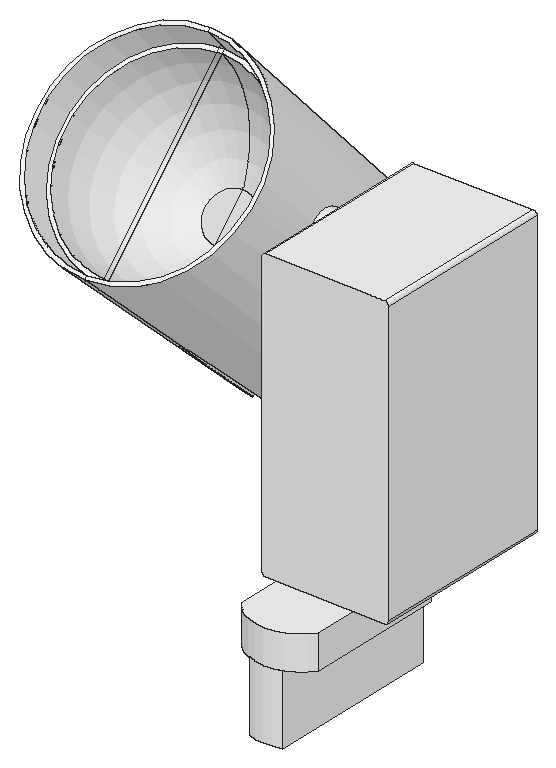
Revit family "0004924 Feilo Sylvania Lighting Fixture START TRACK SPOT S DALI 1262LM 930 WB WHT", category Lighting Fixtures, host Face, Revit 2017
Family settings
  Host = Face
  Round Connector Dimension = Use Diameter
  Part Type = Normal
  OmniClass Number = 23.80.70.00
  OmniClass Title = Lighting
  Cut with Voids When Loaded = No
  Light Source = No
  Shared = No
  Room Calculation Point = No
Parameters (values of type "0004924 START TRACK SPOT S DALI 1262LM 930 WB WHT")
  Weight = "0.94 kg"
  Wattage Comments = ""
  WarrantyStartDate [instance] = "n/a"
  WarrantyGuarantorParts = "n/a"
  WarrantyDurationUnit = "n/a"
  WarrantyDurationParts = "n/a"
  WarrantyDescription = "n/a"
  Voltage = 230 V
  URL = "http://www.sylvania-lighting.com/"
  TypeName = "START TRACK SPOT S DALI 1262LM 930 WB WHT"
  TypeHead_FEILO = Start Track Spot Head : 0004861 START TRACK SPOT S 14W 3K RA90 WB WHITE
  TypeBox_FEILO = Start Track Spot Box : Type Small White
  Type Image = <None>
  Type Comments = "n/a"
  VerticalRotation_FEILO [instance] = 0.00°
  SlideEndAngle_FEILO [instance] = VerticalRotation_FEILO + 180.00°  # 180.00°
  SerialNumber [instance] = "n/a"
  Material_3_FEILO = none
  PowerFactor = 0.92
  PowerConsumption = "14 W"
  NominalLength = 0 mm
  NominalHeight = 200 mm
  NominalDepth = 140 mm
  Name = "START TRACK SPOT S DALI 1262LM 930 WB WHT"
  ModelReference = Name  # "START TRACK SPOT S DALI 1262LM 930 WB WHT"
  ModelNumber = "0004924"
  Model = Name  # "START TRACK SPOT S DALI 1262LM 930 WB WHT"
  Material = "adc12 aluminium housing, polycarbonate diffuser"
  ManufacturerName = "Feilo Sylvania"
  Manufacturer = "Feilo Sylvania"
  LuminousEfficacy = "90 lm/W"
  LuminaireType = ""
  LightOutputRatio = "100"
  LampsType = Lamp  # "LED"
  LampNominalLuminous = "1262 lm"
  LampMacAdamStep = "3"
  LampColourTemperature = "3000 K"
  LampColourRenderingIndex = "90"
  Lamp = "LED"
  Keynote = "16500"
  InstallationDate [instance] = "n/a"
  InputVoltage = "230-240V~"
  InputNominalFrequency = "50/60 Hz"
  IngressProtection = "IP20"
  ImpactProtectionIndex = "IK02"
  IfcExportType = "IfcLightFixtureType"
  IfcExportAs = "IfcLightFixtureType"
  HorizontalRotation_FEILO [instance] = 45.00°
  ExpectedLife = 50000
  ElectricShockClassification = "Class II"
  DurationUnit = "hours"
  DocumentationLiterature = "http://www.sylvania-lighting.com/product/en-int/products/0004861"
  DimmingControlOptions = "Dimmable"
  Material_2_FEILO = none
  Description = "Integrated LED spotlight, Textured White - RAL9016, compact and minimalist design, ideal for retail applications, die-cast aluminium body, passive cooling heatsink. Beam angle: 64°, color temperature: 3000K , total system power: 14W, total fixture output: 1262 lm, LOR: 100%, colour rendering: Ra: 90 typical, LED Chromaticity: 3 step MacAdam ellipse, lifetime: >50000 hours at L70B50, energy class: A++, A+, A, IR/UV free light source without heat radiation, operating voltage: 220-240V / 50-60Hz, drive current: 350mA, electronic driver, non-dimmable, power factor: 0.92, electrical protection: Class II, Global Track 3 Phase adapter suitable for Global trac 3-circuit tracks, ingress protection rating: IP20, suitable for internal environment only, horizontal rotation: 355°, vertical tilt: 90°, dimensions: Ø86x140x200, weight: 0.940kg."
  Default Elevation = 1219.2 mm
  CreatedOn = "04/26/2018"
  CreatedBy = ""
  Cost = 0
  built-in parameter 1114216 [instance] = (empty or 0)
  ClassificationValue = "EF_70_80"
  ClassificationName = "Uniclass2015"
  Material_1_FEILO = Body-Sylvania-StartTrackSpot-White
  BarCode [instance] = "n/a"
  AssetType = "Fixed"
  AssetIdentifier [instance] = "n/a"
  Assembly Code = "D5020200"
  Apparent Load = 14 VA
  Material_4_FEILO = none
Reference planes
  plane 1 "Center (Front/Back)": y = 0
  plane 2: z = 0
  plane 3 "Center (Left/Right)": x = 0
  plane 4: x = 15
  plane 5: x = -15
  plane 6: y = 35
  plane 7: y = -35
  plane 8: z = 13
  plane 9: z = -27
  plane 10: x = 6.5
  plane 11: x = -6.5
  plane 12: y = 27
  plane 13: y = -27
  plane 14: y = 20
Forms (mm)
  Extrusion 1, solid, material "Body-Sylvania-StartTrackSpot-White" <- "Material_1_FEILO"
    sketch origin (0, 0, 0) x (1, 0, 0) y (0, 1, 0)
      loop
        line (-15, 27) -> (-15, -27)
        arc (-15, -27) -> (0, -35) -> (15, -27) r 18.062
        line (15, -27) -> (15, 27)
        arc (15, 27) -> (0, 35) -> (-15, 27) r 18.062
    from 0 to 13
  Extrusion 2, solid, material "Body-Sylvania-StartTrackSpot-White" <- "Material_1_FEILO"
    sketch origin (0, 0, 0) x (1, 0, 0) y (0, 1, 0)
      loop
        arc (6.5, 33.79) -> (0, 35) -> (-6.5, 33.79) r 18.062
        line (-6.5, 33.79) -> (-6.5, -33.79)
        arc (-6.5, -33.79) -> (0, -35) -> (6.5, -33.79) r 18.062
        line (6.5, -33.79) -> (6.5, 33.79)
    from 0 to -27
  Revolve 3, solid, not visible
    sketch origin (1524, 20, 1219.2) x (1, 0, 0) y (0, 0, 1)
      loop
        line (-1524, -1206.2) -> (-1524, -1191.285) -> (-1530.5, -1191.285) -> (-1530.5, -1206.2) -> (-1524, -1206.2)
      axis (-1524, -1191.285) -> (-1524, -1206.2)
    angle from 0 <- "VerticalRotation_FEILO" to 180 <- "SlideEndAngle_FEILO"
Cuts and joins
  joined: Extrusion 1, Extrusion 2
Dimensions and locks
  equal spacing: plane 10, plane 3 "Center (Left/Right)", plane 11
  equal spacing: plane 4, plane 3 "Center (Left/Right)", plane 5
  locked: plane 8 to plane 2 at 13
  locked: plane 8 to plane 9 at 40
  equal spacing: plane 13, plane 1 "Center (Front/Back)", plane 12
  locked: plane 12 to plane 6 at 8
  locked: plane 14 to plane 6 at 15
  locked: Revolve 3 sketch curve to plane 8 at 14.915
  aligned and locked: plane 2 to host face
  aligned and locked: level to host face
  aligned and locked: plane 5 to Extrusion 1 sketch curve  (x2)
  aligned and locked: plane 12 to Extrusion 1 sketch curve
  aligned and locked: plane 13 to Extrusion 1 sketch curve
  aligned and locked: plane 4 to Extrusion 1 sketch curve
  aligned and locked: Extrusion 1 to plane 8
  aligned and locked: Extrusion 1 to level
  aligned and locked: Extrusion 2 sketch curve to Extrusion 1  (x2)
  aligned and locked: Extrusion 2 sketch curve to plane 11
  aligned and locked: plane 10 to Extrusion 2 sketch curve
  aligned and locked: plane 9 to Extrusion 2
  aligned and locked: level to Extrusion 2
  aligned and locked: Revolve 3 sketch curve to plane 3 "Center (Left/Right)"  (x2)
  aligned and locked: plane 11 to Revolve 3 sketch curve
  aligned and locked: Revolve 3 sketch curve to plane 8
Automatic sketch dimensions
  host sketch curve to host sketch curve = 2438.4 mm  (x2)
  Extrusion 1 sketch curve to plane 3 "Center (Left/Right)" = 0 mm  (x2)
  Extrusion 1 sketch curve to plane 13 = 10.062 mm
  plane 12 to Extrusion 1 sketch curve = 10.062 mm
  Revolve 3 sketch curve to plane 3 "Center (Left/Right)" = 0 mm
  plane 9 to Revolve 3 sketch curve = 582.6 mm
  Revolve 3 sketch curve to Revolve 3 sketch curve = 2581.144 mm
Nested families
  nested 1: "Start Track Spot Head" at (-62, 20, 112.529) x (0, 0.7071, 0.7071) z (0, 0.7071, -0.7071), type <- "TypeHead_FEILO", type "0004861 START TRACK SPOT S 14W 3K RA90 WB WHITE"
    with built-in parameter 1114216 (empty or 0)
  nested 2: "Start Track Spot Box" at (8.5, 20, 73) x (-1, 0, 0) z (0, -1, 0), BoxStartAngle_FEILO <- "HorizontalRotation_FEILO", type <- "TypeBox_FEILO", type "Type Small White"
    with BoxStartAngle_FEILO 45.00°, BoxEndAngle_FEILO -135.00°
Connectors
  electrical at (0, 0, 0), driven by "Apparent Load", driven by "PowerFactor", driven by "Voltage"
    settings: index 1, voltage 230 V, apparent load 14 VA, apparent load phase1 0 VA, apparent load phase2 0 VA, apparent load phase3 0 VA, power factor 0.92, load classification "Lighting", number of poles 1, system type 30, power factor state 1, is connector primary yes, connector utility no, sub classification motor no, connector description ""
Definition of nested family "Start Track Spot Head"
  Parameters (values of type "0004811 START TRACK SPOT S 14W 3K RA80 NB WHITE")
    Wattage Comments = "n/a"
    Wattage = 14 W
    built-in parameter 1150110 = 1 (stored number, unit not read)
    URL = "http://www.feilosylvania.com"
    Type Image = (empty or 0)
    Type Comments = "n/a"
    built-in parameter 1114217 = 1 (stored number, unit not read)
    Tilt Angle = -90.00°
    built-in parameter 1150109 = 1 (stored number, unit not read)
    built-in parameter 1150134 = (empty or 0)
    built-in parameter 1150113 = 1 (stored number, unit not read)
    Photometric Web File = "0004811.ies"
    Material_3_FEILO = none
    Model = "START TRACK SPOT S 14W 3K RA80 NB WHITE"
    Manufacturer = "Feilo Sylvania"
    built-in parameter 1150105 = 123.66 (stored number, unit not read)
    Lumens = 1554 lm
    built-in parameter 1150115 = 1 (stored number, unit not read)
    built-in parameter 1150137 = (empty or 0)
    built-in parameter 1150139 = (empty or 0)
    built-in parameter 1150112 = 1 (stored number, unit not read)
    built-in parameter 1150114 = 1 (stored number, unit not read)
    Lamp = "LED"
    Keynote = "16500"
    Material_2_FEILO = none
    built-in parameter 1150132 = (empty or 0)
    built-in parameter 1150102 = (empty or 0)
    built-in parameter 1150107 = 3000 (stored number, unit not read)
    built-in parameter 1150138 = (empty or 0)
    built-in parameter 1150106 = 1.2366 (stored number, unit not read)
    HeadThickness_FEILO = if(HeadDiaOut_FEILO > 112 mm, 2 mm, 1.5 mm)  # 1.5 mm
    HeadRibOffset_FEILO = HeadHeight_FEILO / 28  # 4.179 mm
    HeadRibDepth_FEILO = HeadHeight_FEILO / 2.1  # 55.714 mm
    HeadRibCutWidth_FEILO = HeadDiaOut_FEILO / 12  # 7.167 mm
    HeadRibCutOffset_FEILO = HeadHeight_FEILO / 2.3  # 50.87 mm
    HeadReflectorRadius_FEILO = HeadDiaOut_FEILO / 1.7  # 50.588 mm
    HeadReflectorOffset_FEILO = HeadHeight_FEILO / 2.1  # 55.714 mm
    HeadLEDRadius_FEILO = HeadDiaOut_FEILO / 9  # 9.556 mm
    HeadHeight_FEILO = 117 mm
    HeadDraft_FEILO = 1 mm
    HeadDiffusorThickness_FEILO = 3 mm
    HeadDiffusorOffset_FEILO = HeadHeight_FEILO / 12.4  # 9.435 mm
    HeadDiaOut_FEILO = 86 mm
    HeadDiaIn_FEILO = HeadDiaOut_FEILO / 1.11  # 77.477 mm
    HeadAxisFromTop_FEILO = HeadHeight_FEILO / 1.687  # 69.354 mm
    Emit from Circle Diameter = HeadDiaIn_FEILO  # 77.477 mm
    Emit Shape Visible in Rendering = no
    built-in parameter 1150104 = 10.312 (stored number, unit not read)
    Dimming Lamp Color Temperature Shift = (empty or 0)
    Description = "Integrated LED spotlight, Textured White - RAL9016, compact and minimalist design, ideal for retail applications, die-cast aluminium body, passive cooling heatsink. Beam angle: 12°, color temperature: 3000K , total system power: 14W, total fixture output: 1551 lm, LOR: 100%, colour rendering: Ra: 80 typical, LED Chromaticity: 3 step MacAdam ellipse, lifetime: >50000 hours at L70B50, energy class: A++, A+, A, IR/UV free light source without heat radiation, operating voltage: 220-240V / 50-60Hz, drive current: 350mA, electronic driver, non-dimmable, power factor: 0.92, electrical protection: Class II, Global Track 3 Phase adapter suitable for Global trac 3-circuit tracks, ingress protection rating: IP20, suitable for internal environment only, horizontal rotation: 355°, vertical tilt: 90°, dimensions: Ø86x140x200, weight: 0.940kg."
    Default Elevation = 1219.2 mm
    Cost = 0
    Color Filter = 16777215
    built-in parameter 1114216 [instance] = (empty or 0)
    Material_1_FEILO = none
    built-in parameter 1114218 = 1 (stored number, unit not read)
    built-in parameter 1150133 = 10 (stored number, unit not read)
    Assembly Code = "D5020200"
    Apparent Load = 14 VA
    Material_4_FEILO = none
  Types (96, lengths in mm): name | Wattage | built-in parameter 1150134 | Photometric Web File | Model | built-in parameter 1150105 | Lumens | built-in parameter 1150107 | built-in parameter 1150106 | HeadThickness_FEILO | HeadRibOffset_FEILO | HeadRibDepth_FEILO | HeadRibCutWidth_FEILO | HeadRibCutOffset_FEILO | HeadReflectorRadius_FEILO | HeadReflectorOffset_FEILO | HeadLEDRadius_FEILO | HeadHeight_FEILO | HeadDiffusorOffset_FEILO | HeadDiaOut_FEILO | HeadDiaIn_FEILO | HeadAxisFromTop_FEILO | Emit from Circle Diameter | built-in parameter 1150104 | Description | Apparent Load
    0004906 START TRACK SPOT L 55W 4K RA90 WB BLACK | 55 W | 12 | "0004906.ies" | "START TRACK SPOT L 55W 4K RA90 WB BLACK" | 385.15 (stored number, unit not read) | 4840 lm | 4000 (stored number, unit not read) | 3.8515 (stored number, unit not read) | 2 | 4.429 | 59.048 | 9.417 | 53.913 | 66.471 | 59.048 | 12.556 | 124 | 10 | 113 | 101.802 | 73.503 | 101.802 | 8.1755 (stored number, unit not read) | "Integrated LED spotlight, Textured Black - RAL9005, compact and minimalist design, ideal for retail applications, die-cast aluminium body, passive cooling heatsink. Beam angle: 52°, color temperature: 4000K , total system power: 55W, total fixture output: 4824 lm, LOR: 100%, colour rendering: Ra: 90 typical, LED Chromaticity: 3 step MacAdam ellipse, lifetime: >50000 hours at L70B50, energy class: A++, A+, A, IR/UV free light source without heat radiation, operating voltage: 220-240V / 50-60Hz, drive current: 1400mA, electronic driver, non-dimmable, power factor: 0.96, electrical protection: Class II, Global Track 3 Phase adapter suitable for Global trac 3-circuit tracks, ingress protection rating: IP20, suitable for internal environment only, horizontal rotation: 355°, vertical tilt: 90°, dimensions: Ø113x164x240, weight: 1.398kg." | 55 VA
    0004905 START TRACK SPOT L 55W 4K RA90 MB BLACK | 55 W | 12 | "0004905.ies" | "START TRACK SPOT L 55W 4K RA90 MB BLACK" | 389.53 (stored number, unit not read) | 4895 lm | 4000 (stored number, unit not read) | 3.8953 (stored number, unit not read) | 2 | 4.429 | 59.048 | 9.417 | 53.913 | 66.471 | 59.048 | 12.556 | 124 | 10 | 113 | 101.802 | 73.503 | 101.802 | 8.2684 (stored number, unit not read) | "Integrated LED spotlight, Textured Black - RAL9005, compact and minimalist design, ideal for retail applications, die-cast aluminium body, passive cooling heatsink. Beam angle: 38°, color temperature: 4000K , total system power: 55W, total fixture output: 4897 lm, LOR: 100%, colour rendering: Ra: 90 typical, LED Chromaticity: 3 step MacAdam ellipse, lifetime: >50000 hours at L70B50, energy class: A++, A+, A, IR/UV free light source without heat radiation, operating voltage: 220-240V / 50-60Hz, drive current: 1400mA, electronic driver, non-dimmable, power factor: 0.96, electrical protection: Class II, Global Track 3 Phase adapter suitable for Global trac 3-circuit tracks, ingress protection rating: IP20, suitable for internal environment only, horizontal rotation: 355°, vertical tilt: 90°, dimensions: Ø113x164x240, weight: 1.398kg." | 55 VA
    0004904 START TRACK SPOT L 55W 4K RA90 NB BLACK | 55 W | 12 | "0004904.ies" | "START TRACK SPOT L 55W 4K RA90 NB BLACK" | 393.91 (stored number, unit not read) | 4950 lm | 4000 (stored number, unit not read) | 3.9391 (stored number, unit not read) | 2 | 4.429 | 59.048 | 9.417 | 53.913 | 66.471 | 59.048 | 12.556 | 124 | 10 | 113 | 101.802 | 73.503 | 101.802 | 8.3613 (stored number, unit not read) | "Integrated LED spotlight, Textured Black - RAL9005, compact and minimalist design, ideal for retail applications, die-cast aluminium body, passive cooling heatsink. Beam angle: 15°, color temperature: 4000K , total system power: 55W, total fixture output: 4965 lm, LOR: 100%, colour rendering: Ra: 90 typical, LED Chromaticity: 3 step MacAdam ellipse, lifetime: >50000 hours at L70B50, energy class: A++, A+, A, IR/UV free light source without heat radiation, operating voltage: 220-240V / 50-60Hz, drive current: 1400mA, electronic driver, non-dimmable, power factor: 0.96, electrical protection: Class II, Global Track 3 Phase adapter suitable for Global trac 3-circuit tracks, ingress protection rating: IP20, suitable for internal environment only, horizontal rotation: 355°, vertical tilt: 90°, dimensions: Ø113x164x240, weight: 1.398kg." | 55 VA
    0004903 START TRACK SPOT L 35W 4K RA90 WB BLACK | 35 W | 12 | "0004903.ies" | "START TRACK SPOT L 35W 4K RA90 WB BLACK" | 284.09 (stored number, unit not read) | 3570 lm | 4000 (stored number, unit not read) | 2.8409 (stored number, unit not read) | 2 | 4.429 | 59.048 | 9.417 | 53.913 | 66.471 | 59.048 | 12.556 | 124 | 10 | 113 | 101.802 | 73.503 | 101.802 | 9.4761 (stored number, unit not read) | "Integrated LED spotlight, Textured Black - RAL9005, compact and minimalist design, ideal for retail applications, die-cast aluminium body, passive cooling heatsink. Beam angle: 52°, color temperature: 4000K , total system power: 35W, total fixture output: 3562 lm, LOR: 100%, colour rendering: Ra: 90 typical, LED Chromaticity: 3 step MacAdam ellipse, lifetime: >50000 hours at L70B50, energy class: A++, A+, A, IR/UV free light source without heat radiation, operating voltage: 220-240V / 50-60Hz, drive current: 900mA, electronic driver, non-dimmable, power factor: 0.93, electrical protection: Class II, Global Track 3 Phase adapter suitable for Global trac 3-circuit tracks, ingress protection rating: IP20, suitable for internal environment only, horizontal rotation: 355°, vertical tilt: 90°, dimensions: Ø113x164x240, weight: 1.368kg." | 35 VA
    0004902 START TRACK SPOT L 35W 4K RA90 MB BLACK | 35 W | 12 | "0004902.ies" | "START TRACK SPOT L 35W 4K RA90 MB BLACK" | 286.88 (stored number, unit not read) | 3605 lm | 4000 (stored number, unit not read) | 2.8688 (stored number, unit not read) | 2 | 4.429 | 59.048 | 9.417 | 53.913 | 66.471 | 59.048 | 12.556 | 124 | 10 | 113 | 101.802 | 73.503 | 101.802 | 9.569 (stored number, unit not read) | "Integrated LED spotlight, Textured Black - RAL9005, compact and minimalist design, ideal for retail applications, die-cast aluminium body, passive cooling heatsink. Beam angle: 38°, color temperature: 4000K , total system power: 35W, total fixture output: 3616 lm, LOR: 100%, colour rendering: Ra: 90 typical, LED Chromaticity: 3 step MacAdam ellipse, lifetime: >50000 hours at L70B50, energy class: A++, A+, A, IR/UV free light source without heat radiation, operating voltage: 220-240V / 50-60Hz, drive current: 900mA, electronic driver, non-dimmable, power factor: 0.93, electrical protection: Class II, Global Track 3 Phase adapter suitable for Global trac 3-circuit tracks, ingress protection rating: IP20, suitable for internal environment only, horizontal rotation: 355°, vertical tilt: 90°, dimensions: Ø113x164x240, weight: 1.368kg." | 35 VA
    0004901 START TRACK SPOT L 35W 4K RA90 NB BLACK | 35 W | 12 | "0004901.ies" | "START TRACK SPOT L 35W 4K RA90 NB BLACK" | 286.88 (stored number, unit not read) | 3605 lm | 4000 (stored number, unit not read) | 2.8688 (stored number, unit not read) | 2 | 4.429 | 59.048 | 9.417 | 53.913 | 66.471 | 59.048 | 12.556 | 124 | 10 | 113 | 101.802 | 73.503 | 101.802 | 9.569 (stored number, unit not read) | "Integrated LED spotlight, Textured Black - RAL9005, compact and minimalist design, ideal for retail applications, die-cast aluminium body, passive cooling heatsink. Beam angle: 15°, color temperature: 4000K , total system power: 35W, total fixture output: 3593 lm, LOR: 100%, colour rendering: Ra: 90 typical, LED Chromaticity: 3 step MacAdam ellipse, lifetime: >50000 hours at L70B50, energy class: A++, A+, A, IR/UV free light source without heat radiation, operating voltage: 220-240V / 50-60Hz, drive current: 900mA, electronic driver, non-dimmable, power factor: 0.93, electrical protection: Class II, Global Track 3 Phase adapter suitable for Global trac 3-circuit tracks, ingress protection rating: IP20, suitable for internal environment only, horizontal rotation: 355°, vertical tilt: 90°, dimensions: Ø113x164x240, weight: 1.368kg." | 35 VA
    0004900 START TRACK SPOT S 24W 4K RA90 WB BLACK | 24 W | 12 | "0004900.ies" | "START TRACK SPOT S 24W 4K RA90 WB BLACK" | 166.16 (stored number, unit not read) | 2088 lm | 4000 (stored number, unit not read) | 1.6616 (stored number, unit not read) | 1.5 | 4.179 | 55.714 | 7.167 | 50.87 | 50.588 | 55.714 | 9.556 | 117 | 9.435 | 86 | 77.477 | 69.354 | 77.477 | 8.0826 (stored number, unit not read) | "Integrated LED spotlight, Textured Black - RAL9005, compact and minimalist design, ideal for retail applications, die-cast aluminium body, passive cooling heatsink. Beam angle: 64°, color temperature: 4000K , total system power: 24W, total fixture output: 2087 lm, LOR: 100%, colour rendering: Ra: 90 typical, LED Chromaticity: 3 step MacAdam ellipse, lifetime: >50000 hours at L70B50, energy class: A++, A+, A, IR/UV free light source without heat radiation, operating voltage: 220-240V / 50-60Hz, drive current: 600mA, electronic driver, non-dimmable, power factor: 0.95, electrical protection: Class II, Global Track 3 Phase adapter suitable for Global trac 3-circuit tracks, ingress protection rating: IP20, suitable for internal environment only, horizontal rotation: 355°, vertical tilt: 90°, dimensions: Ø86x140x200, weight: 0.966kg." | 24 VA
    0004899 START TRACK SPOT S 24W 4K RA90 MB BLACK | 24 W | 12 | "0004899.ies" | "START TRACK SPOT S 24W 4K RA90 MB BLACK" | 169.98 (stored number, unit not read) | 2136 lm | 4000 (stored number, unit not read) | 1.6998 (stored number, unit not read) | 1.5 | 4.179 | 55.714 | 7.167 | 50.87 | 50.588 | 55.714 | 9.556 | 117 | 9.435 | 86 | 77.477 | 69.354 | 77.477 | 8.2684 (stored number, unit not read) | "Integrated LED spotlight, Textured Black - RAL9005, compact and minimalist design, ideal for retail applications, die-cast aluminium body, passive cooling heatsink. Beam angle: 36°, color temperature: 4000K , total system power: 24W, total fixture output: 2141 lm, LOR: 100%, colour rendering: Ra: 90 typical, LED Chromaticity: 3 step MacAdam ellipse, lifetime: >50000 hours at L70B50, energy class: A++, A+, A, IR/UV free light source without heat radiation, operating voltage: 220-240V / 50-60Hz, drive current: 600mA, electronic driver, non-dimmable, power factor: 0.95, electrical protection: Class II, Global Track 3 Phase adapter suitable for Global trac 3-circuit tracks, ingress protection rating: IP20, suitable for internal environment only, horizontal rotation: 355°, vertical tilt: 90°, dimensions: Ø86x140x200, weight: 0.966kg." | 24 VA
    0004898 START TRACK SPOT S 24W 4K RA90 NB BLACK | 24 W | 12 | "0004898.ies" | "START TRACK SPOT S 24W 4K RA90 NB BLACK" | 171.89 (stored number, unit not read) | 2160 lm | 4000 (stored number, unit not read) | 1.7189 (stored number, unit not read) | 1.5 | 4.179 | 55.714 | 7.167 | 50.87 | 50.588 | 55.714 | 9.556 | 117 | 9.435 | 86 | 77.477 | 69.354 | 77.477 | 8.3613 (stored number, unit not read) | "Integrated LED spotlight, Textured Black - RAL9005, compact and minimalist design, ideal for retail applications, die-cast aluminium body, passive cooling heatsink. Beam angle: 12°, color temperature: 4000K , total system power: 24W, total fixture output: 2155 lm, LOR: 100%, colour rendering: Ra: 90 typical, LED Chromaticity: 3 step MacAdam ellipse, lifetime: >50000 hours at L70B50, energy class: A++, A+, A, IR/UV free light source without heat radiation, operating voltage: 220-240V / 50-60Hz, drive current: 600mA, electronic driver, non-dimmable, power factor: 0.95, electrical protection: Class II, Global Track 3 Phase adapter suitable for Global trac 3-circuit tracks, ingress protection rating: IP20, suitable for internal environment only, horizontal rotation: 355°, vertical tilt: 90°, dimensions: Ø86x140x200, weight: 0.966kg." | 24 VA
    0004897 START TRACK SPOT S 14W 4K RA90 WB BLACK | 14 W | 12 | "0004897.ies" | "START TRACK SPOT S 14W 4K RA90 WB BLACK" | 108.07 (stored number, unit not read) | 1358 lm | 4000 (stored number, unit not read) | 1.0807 (stored number, unit not read) | 1.5 | 4.179 | 55.714 | 7.167 | 50.87 | 50.588 | 55.714 | 9.556 | 117 | 9.435 | 86 | 77.477 | 69.354 | 77.477 | 9.0116 (stored number, unit not read) | "Integrated LED spotlight, Textured Black - RAL9005, compact and minimalist design, ideal for retail applications, die-cast aluminium body, passive cooling heatsink. Beam angle: 64°, color temperature: 4000K , total system power: 14W, total fixture output: 1352 lm, LOR: 100%, colour rendering: Ra: 90 typical, LED Chromaticity: 3 step MacAdam ellipse, lifetime: >50000 hours at L70B50, energy class: A++, A+, A, IR/UV free light source without heat radiation, operating voltage: 220-240V / 50-60Hz, drive current: 350mA, electronic driver, non-dimmable, power factor: 0.92, electrical protection: Class II, Global Track 3 Phase adapter suitable for Global trac 3-circuit tracks, ingress protection rating: IP20, suitable for internal environment only, horizontal rotation: 355°, vertical tilt: 90°, dimensions: Ø86x140x200, weight: 0.940kg." | 14 VA
    0004896 START TRACK SPOT S 14W 4K RA90 MB BLACK | 14 W | 12 | "0004896.ies" | "START TRACK SPOT S 14W 4K RA90 MB BLACK" | 108.07 (stored number, unit not read) | 1358 lm | 4000 (stored number, unit not read) | 1.0807 (stored number, unit not read) | 1.5 | 4.179 | 55.714 | 7.167 | 50.87 | 50.588 | 55.714 | 9.556 | 117 | 9.435 | 86 | 77.477 | 69.354 | 77.477 | 9.0116 (stored number, unit not read) | "Integrated LED spotlight, Textured Black - RAL9005, compact and minimalist design, ideal for retail applications, die-cast aluminium body, passive cooling heatsink. Beam angle: 36°, color temperature: 4000K , total system power: 14W, total fixture output: 1359 lm, LOR: 100%, colour rendering: Ra: 90 typical, LED Chromaticity: 3 step MacAdam ellipse, lifetime: >50000 hours at L70B50, energy class: A++, A+, A, IR/UV free light source without heat radiation, operating voltage: 220-240V / 50-60Hz, drive current: 350mA, electronic driver, non-dimmable, power factor: 0.92, electrical protection: Class II, Global Track 3 Phase adapter suitable for Global trac 3-circuit tracks, ingress protection rating: IP20, suitable for internal environment only, horizontal rotation: 355°, vertical tilt: 90°, dimensions: Ø86x140x200, weight: 0.940kg." | 14 VA
    0004895 START TRACK SPOT S 14W 4K RA90 NB BLACK | 14 W | 12 | "0004895.ies" | "START TRACK SPOT S 14W 4K RA90 NB BLACK" | 106.95 (stored number, unit not read) | 1344 lm | 4000 (stored number, unit not read) | 1.0695 (stored number, unit not read) | 1.5 | 4.179 | 55.714 | 7.167 | 50.87 | 50.588 | 55.714 | 9.556 | 117 | 9.435 | 86 | 77.477 | 69.354 | 77.477 | 8.9187 (stored number, unit not read) | "Integrated LED spotlight, Textured Black - RAL9005, compact and minimalist design, ideal for retail applications, die-cast aluminium body, passive cooling heatsink. Beam angle: 12°, color temperature: 4000K , total system power: 14W, total fixture output: 1349 lm, LOR: 100%, colour rendering: Ra: 90 typical, LED Chromaticity: 3 step MacAdam ellipse, lifetime: >50000 hours at L70B50, energy class: A++, A+, A, IR/UV free light source without heat radiation, operating voltage: 220-240V / 50-60Hz, drive current: 350mA, electronic driver, non-dimmable, power factor: 0.92, electrical protection: Class II, Global Track 3 Phase adapter suitable for Global trac 3-circuit tracks, ingress protection rating: IP20, suitable for internal environment only, horizontal rotation: 355°, vertical tilt: 90°, dimensions: Ø86x140x200, weight: 0.940kg." | 14 VA
    0004894 START TRACK SPOT L 55W 3K RA90 WB BLACK | 55 W | (empty or 0) | "0004894.ies" | "START TRACK SPOT L 55W 3K RA90 WB BLACK" | 350.14 (stored number, unit not read) | 4400 lm | 3000 (stored number, unit not read) | 3.5014 (stored number, unit not read) | 2 | 4.429 | 59.048 | 9.417 | 53.913 | 66.471 | 59.048 | 12.556 | 124 | 10 | 113 | 101.802 | 73.503 | 101.802 | 7.4322 (stored number, unit not read) | "Integrated LED spotlight, Textured Black - RAL9005, compact and minimalist design, ideal for retail applications, die-cast aluminium body, passive cooling heatsink. Beam angle: 52°, color temperature: 3000K , total system power: 55W, total fixture output: 4405 lm, LOR: 100%, colour rendering: Ra: 90 typical, LED Chromaticity: 3 step MacAdam ellipse, lifetime: >50000 hours at L70B50, energy class: A++, A+, A, IR/UV free light source without heat radiation, operating voltage: 220-240V / 50-60Hz, drive current: 1400mA, electronic driver, non-dimmable, power factor: 0.96, electrical protection: Class II, Global Track 3 Phase adapter suitable for Global trac 3-circuit tracks, ingress protection rating: IP20, suitable for internal environment only, horizontal rotation: 355°, vertical tilt: 90°, dimensions: Ø113x164x240, weight: 1.398kg." | 55 VA
    0004893 START TRACK SPOT L 55W 3K RA90 MB BLACK | 55 W | (empty or 0) | "0004893.ies" | "START TRACK SPOT L 55W 3K RA90 MB BLACK" | 354.52 (stored number, unit not read) | 4455 lm | 3000 (stored number, unit not read) | 3.5452 (stored number, unit not read) | 2 | 4.429 | 59.048 | 9.417 | 53.913 | 66.471 | 59.048 | 12.556 | 124 | 10 | 113 | 101.802 | 73.503 | 101.802 | 7.5251 (stored number, unit not read) | "Integrated LED spotlight, Textured Black - RAL9005, compact and minimalist design, ideal for retail applications, die-cast aluminium body, passive cooling heatsink. Beam angle: 38°, color temperature: 3000K , total system power: 55W, total fixture output: 4448 lm, LOR: 100%, colour rendering: Ra: 90 typical, LED Chromaticity: 3 step MacAdam ellipse, lifetime: >50000 hours at L70B50, energy class: A++, A+, A, IR/UV free light source without heat radiation, operating voltage: 220-240V / 50-60Hz, drive current: 1400mA, electronic driver, non-dimmable, power factor: 0.96, electrical protection: Class II, Global Track 3 Phase adapter suitable for Global trac 3-circuit tracks, ingress protection rating: IP20, suitable for internal environment only, horizontal rotation: 355°, vertical tilt: 90°, dimensions: Ø113x164x240, weight: 1.398kg." | 55 VA
    0004892 START TRACK SPOT L 55W 3K RA90 NB BLACK | 55 W | (empty or 0) | "0004892.ies" | "START TRACK SPOT L 55W 3K RA90 NB BLACK" | 350.14 (stored number, unit not read) | 4400 lm | 3000 (stored number, unit not read) | 3.5014 (stored number, unit not read) | 2 | 4.429 | 59.048 | 9.417 | 53.913 | 66.471 | 59.048 | 12.556 | 124 | 10 | 113 | 101.802 | 73.503 | 101.802 | 7.4322 (stored number, unit not read) | "Integrated LED spotlight, Textured Black - RAL9005, compact and minimalist design, ideal for retail applications, die-cast aluminium body, passive cooling heatsink. Beam angle: 15°, color temperature: 3000K , total system power: 55W, total fixture output: 4416 lm, LOR: 100%, colour rendering: Ra: 90 typical, LED Chromaticity: 3 step MacAdam ellipse, lifetime: >50000 hours at L70B50, energy class: A++, A+, A, IR/UV free light source without heat radiation, operating voltage: 220-240V / 50-60Hz, drive current: 1400mA, electronic driver, non-dimmable, power factor: 0.96, electrical protection: Class II, Global Track 3 Phase adapter suitable for Global trac 3-circuit tracks, ingress protection rating: IP20, suitable for internal environment only, horizontal rotation: 355°, vertical tilt: 90°, dimensions: Ø113x164x240, weight: 1.398kg." | 55 VA
    0004891 START TRACK SPOT L 35W 3K RA90 WB BLACK | 35 W | (empty or 0) | "0004891.ies" | "START TRACK SPOT L 35W 3K RA90 WB BLACK" | 259.02 (stored number, unit not read) | 3255 lm | 3000 (stored number, unit not read) | 2.5902 (stored number, unit not read) | 2 | 4.429 | 59.048 | 9.417 | 53.913 | 66.471 | 59.048 | 12.556 | 124 | 10 | 113 | 101.802 | 73.503 | 101.802 | 8.64 (stored number, unit not read) | "Integrated LED spotlight, Textured Black - RAL9005, compact and minimalist design, ideal for retail applications, die-cast aluminium body, passive cooling heatsink. Beam angle: 52°, color temperature: 3000K , total system power: 35W, total fixture output: 3260 lm, LOR: 100%, colour rendering: Ra: 90 typical, LED Chromaticity: 3 step MacAdam ellipse, lifetime: >50000 hours at L70B50, energy class: A++, A+, A, IR/UV free light source without heat radiation, operating voltage: 220-240V / 50-60Hz, drive current: 900mA, electronic driver, non-dimmable, power factor: 0.93, electrical protection: Class II, Global Track 3 Phase adapter suitable for Global trac 3-circuit tracks, ingress protection rating: IP20, suitable for internal environment only, horizontal rotation: 355°, vertical tilt: 90°, dimensions: Ø113x164x240, weight: 1.368kg." | 35 VA
    0004890 START TRACK SPOT L 35W 3K RA90 MB BLACK | 35 W | (empty or 0) | "0004890.ies" | "START TRACK SPOT L 35W 3K RA90 MB BLACK" | 261.81 (stored number, unit not read) | 3290 lm | 3000 (stored number, unit not read) | 2.6181 (stored number, unit not read) | 2 | 4.429 | 59.048 | 9.417 | 53.913 | 66.471 | 59.048 | 12.556 | 124 | 10 | 113 | 101.802 | 73.503 | 101.802 | 8.7329 (stored number, unit not read) | "Integrated LED spotlight, Textured Black - RAL9005, compact and minimalist design, ideal for retail applications, die-cast aluminium body, passive cooling heatsink. Beam angle: 38°, color temperature: 3000K , total system power: 35W, total fixture output: 3306 lm, LOR: 100%, colour rendering: Ra: 90 typical, LED Chromaticity: 3 step MacAdam ellipse, lifetime: >50000 hours at L70B50, energy class: A++, A+, A, IR/UV free light source without heat radiation, operating voltage: 220-240V / 50-60Hz, drive current: 900mA, electronic driver, non-dimmable, power factor: 0.93, electrical protection: Class II, Global Track 3 Phase adapter suitable for Global trac 3-circuit tracks, ingress protection rating: IP20, suitable for internal environment only, horizontal rotation: 355°, vertical tilt: 90°, dimensions: Ø113x164x240, weight: 1.368kg." | 35 VA
    0004889 START TRACK SPOT L 35W 3K RA90 NB BLACK | 35 W | (empty or 0) | "0004889.ies" | "START TRACK SPOT L 35W 3K RA90 NB BLACK" | 261.81 (stored number, unit not read) | 3290 lm | 3000 (stored number, unit not read) | 2.6181 (stored number, unit not read) | 2 | 4.429 | 59.048 | 9.417 | 53.913 | 66.471 | 59.048 | 12.556 | 124 | 10 | 113 | 101.802 | 73.503 | 101.802 | 8.7329 (stored number, unit not read) | "Integrated LED spotlight, Textured Black - RAL9005, compact and minimalist design, ideal for retail applications, die-cast aluminium body, passive cooling heatsink. Beam angle: 15°, color temperature: 3000K , total system power: 35W, total fixture output: 3287 lm, LOR: 100%, colour rendering: Ra: 90 typical, LED Chromaticity: 3 step MacAdam ellipse, lifetime: >50000 hours at L70B50, energy class: A++, A+, A, IR/UV free light source without heat radiation, operating voltage: 220-240V / 50-60Hz, drive current: 900mA, electronic driver, non-dimmable, power factor: 0.93, electrical protection: Class II, Global Track 3 Phase adapter suitable for Global trac 3-circuit tracks, ingress protection rating: IP20, suitable for internal environment only, horizontal rotation: 355°, vertical tilt: 90°, dimensions: Ø113x164x240, weight: 1.368kg." | 35 VA
    0004888 START TRACK SPOT S 24W 3K RA90 WB BLACK | 24 W | (empty or 0) | "0004888.ies" | "START TRACK SPOT S 24W 3K RA90 WB BLACK" | 152.79 (stored number, unit not read) | 1920 lm | 3000 (stored number, unit not read) | 1.5279 (stored number, unit not read) | 1.5 | 4.179 | 55.714 | 7.167 | 50.87 | 50.588 | 55.714 | 9.556 | 117 | 9.435 | 86 | 77.477 | 69.354 | 77.477 | 7.4322 (stored number, unit not read) | "Integrated LED spotlight, Textured Black - RAL9005, compact and minimalist design, ideal for retail applications, die-cast aluminium body, passive cooling heatsink. Beam angle: 64°, color temperature: 3000K , total system power: 24W, total fixture output: 1928 lm, LOR: 100%, colour rendering: Ra: 90 typical, LED Chromaticity: 3 step MacAdam ellipse, lifetime: >50000 hours at L70B50, energy class: A++, A+, A, IR/UV free light source without heat radiation, operating voltage: 220-240V / 50-60Hz, drive current: 600mA, electronic driver, non-dimmable, power factor: 0.95, electrical protection: Class II, Global Track 3 Phase adapter suitable for Global trac 3-circuit tracks, ingress protection rating: IP20, suitable for internal environment only, horizontal rotation: 355°, vertical tilt: 90°, dimensions: Ø86x140x200, weight: 0.966kg." | 24 VA
    0004887 START TRACK SPOT S 24W 3K RA90 MB BLACK | 24 W | (empty or 0) | "0004887.ies" | "START TRACK SPOT S 24W 3K RA90 MB BLACK" | 154.7 (stored number, unit not read) | 1944 lm | 3000 (stored number, unit not read) | 1.547 (stored number, unit not read) | 1.5 | 4.179 | 55.714 | 7.167 | 50.87 | 50.588 | 55.714 | 9.556 | 117 | 9.435 | 86 | 77.477 | 69.354 | 77.477 | 7.5251 (stored number, unit not read) | "Integrated LED spotlight, Textured Black - RAL9005, compact and minimalist design, ideal for retail applications, die-cast aluminium body, passive cooling heatsink. Beam angle: 36°, color temperature: 3000K , total system power: 24W, total fixture output: 1944 lm, LOR: 100%, colour rendering: Ra: 90 typical, LED Chromaticity: 3 step MacAdam ellipse, lifetime: >50000 hours at L70B50, energy class: A++, A+, A, IR/UV free light source without heat radiation, operating voltage: 220-240V / 50-60Hz, drive current: 600mA, electronic driver, non-dimmable, power factor: 0.95, electrical protection: Class II, Global Track 3 Phase adapter suitable for Global trac 3-circuit tracks, ingress protection rating: IP20, suitable for internal environment only, horizontal rotation: 355°, vertical tilt: 90°, dimensions: Ø86x140x200, weight: 0.966kg." | 24 VA
    0004886 START TRACK SPOT S 24W 3K RA90 NB BLACK | 24 W | (empty or 0) | "0004886.ies" | "START TRACK SPOT S 24W 3K RA90 NB BLACK" | 158.52 (stored number, unit not read) | 1992 lm | 3000 (stored number, unit not read) | 1.5852 (stored number, unit not read) | 1.5 | 4.179 | 55.714 | 7.167 | 50.87 | 50.588 | 55.714 | 9.556 | 117 | 9.435 | 86 | 77.477 | 69.354 | 77.477 | 7.711 (stored number, unit not read) | "Integrated LED spotlight, Textured Black - RAL9005, compact and minimalist design, ideal for retail applications, die-cast aluminium body, passive cooling heatsink. Beam angle: 12°, color temperature: 3000K , total system power: 24W, total fixture output: 1987 lm, LOR: 100%, colour rendering: Ra: 90 typical, LED Chromaticity: 3 step MacAdam ellipse, lifetime: >50000 hours at L70B50, energy class: A++, A+, A, IR/UV free light source without heat radiation, operating voltage: 220-240V / 50-60Hz, drive current: 600mA, electronic driver, non-dimmable, power factor: 0.95, electrical protection: Class II, Global Track 3 Phase adapter suitable for Global trac 3-circuit tracks, ingress protection rating: IP20, suitable for internal environment only, horizontal rotation: 355°, vertical tilt: 90°, dimensions: Ø86x140x200, weight: 0.966kg." | 24 VA
    0004885 START TRACK SPOT S 14W 3K RA90 WB BLACK | 14 W | (empty or 0) | "0004885.ies" | "START TRACK SPOT S 14W 3K RA90 WB BLACK" | 100.27 (stored number, unit not read) | 1260 lm | 3000 (stored number, unit not read) | 1.0027 (stored number, unit not read) | 1.5 | 4.179 | 55.714 | 7.167 | 50.87 | 50.588 | 55.714 | 9.556 | 117 | 9.435 | 86 | 77.477 | 69.354 | 77.477 | 8.3613 (stored number, unit not read) | "Integrated LED spotlight, Textured Black - RAL9005, compact and minimalist design, ideal for retail applications, die-cast aluminium body, passive cooling heatsink. Beam angle: 64°, color temperature: 3000K , total system power: 14W, total fixture output: 1262 lm, LOR: 100%, colour rendering: Ra: 90 typical, LED Chromaticity: 3 step MacAdam ellipse, lifetime: >50000 hours at L70B50, energy class: A++, A+, A, IR/UV free light source without heat radiation, operating voltage: 220-240V / 50-60Hz, drive current: 350mA, electronic driver, non-dimmable, power factor: 0.92, electrical protection: Class II, Global Track 3 Phase adapter suitable for Global trac 3-circuit tracks, ingress protection rating: IP20, suitable for internal environment only, horizontal rotation: 355°, vertical tilt: 90°, dimensions: Ø86x140x200, weight: 0.940kg." | 14 VA
    0004884 START TRACK SPOT S 14W 3K RA90 MB BLACK | 14 W | (empty or 0) | "0004884.ies" | "START TRACK SPOT S 14W 3K RA90 MB BLACK" | 100.27 (stored number, unit not read) | 1260 lm | 3000 (stored number, unit not read) | 1.0027 (stored number, unit not read) | 1.5 | 4.179 | 55.714 | 7.167 | 50.87 | 50.588 | 55.714 | 9.556 | 117 | 9.435 | 86 | 77.477 | 69.354 | 77.477 | 8.3613 (stored number, unit not read) | "Integrated LED spotlight, Textured Black - RAL9005, compact and minimalist design, ideal for retail applications, die-cast aluminium body, passive cooling heatsink. Beam angle: 36°, color temperature: 3000K , total system power: 14W, total fixture output: 1262 lm, LOR: 100%, colour rendering: Ra: 90 typical, LED Chromaticity: 3 step MacAdam ellipse, lifetime: >50000 hours at L70B50, energy class: A++, A+, A, IR/UV free light source without heat radiation, operating voltage: 220-240V / 50-60Hz, drive current: 350mA, electronic driver, non-dimmable, power factor: 0.92, electrical protection: Class II, Global Track 3 Phase adapter suitable for Global trac 3-circuit tracks, ingress protection rating: IP20, suitable for internal environment only, horizontal rotation: 355°, vertical tilt: 90°, dimensions: Ø86x140x200, weight: 0.940kg." | 14 VA
    0004883 START TRACK SPOT S 14W 3K RA90 NB BLACK | 14 W | (empty or 0) | "0004883.ies" | "START TRACK SPOT S 14W 3K RA90 NB BLACK" | 102.5 (stored number, unit not read) | 1288 lm | 3000 (stored number, unit not read) | 1.025 (stored number, unit not read) | 1.5 | 4.179 | 55.714 | 7.167 | 50.87 | 50.588 | 55.714 | 9.556 | 117 | 9.435 | 86 | 77.477 | 69.354 | 77.477 | 8.5471 (stored number, unit not read) | "Integrated LED spotlight, Textured Black - RAL9005, compact and minimalist design, ideal for retail applications, die-cast aluminium body, passive cooling heatsink. Beam angle: 12°, color temperature: 3000K , total system power: 14W, total fixture output: 1284 lm, LOR: 100%, colour rendering: Ra: 90 typical, LED Chromaticity: 3 step MacAdam ellipse, lifetime: >50000 hours at L70B50, energy class: A++, A+, A, IR/UV free light source without heat radiation, operating voltage: 220-240V / 50-60Hz, drive current: 350mA, electronic driver, non-dimmable, power factor: 0.92, electrical protection: Class II, Global Track 3 Phase adapter suitable for Global trac 3-circuit tracks, ingress protection rating: IP20, suitable for internal environment only, horizontal rotation: 355°, vertical tilt: 90°, dimensions: Ø86x140x200, weight: 0.940kg." | 14 VA
    0004882 START TRACK SPOT L 55W 4K RA90 WB WHITE | 55 W | 12 | "0004882.ies" | "START TRACK SPOT L 55W 4K RA90 WB WHITE" | 385.15 (stored number, unit not read) | 4840 lm | 4000 (stored number, unit not read) | 3.8515 (stored number, unit not read) | 2 | 4.429 | 59.048 | 9.417 | 53.913 | 66.471 | 59.048 | 12.556 | 124 | 10 | 113 | 101.802 | 73.503 | 101.802 | 8.1755 (stored number, unit not read) | "Integrated LED spotlight, Textured White - RAL9016, compact and minimalist design, ideal for retail applications, die-cast aluminium body, passive cooling heatsink. Beam angle: 52°, color temperature: 4000K , total system power: 55W, total fixture output: 4824 lm, LOR: 100%, colour rendering: Ra: 90 typical, LED Chromaticity: 3 step MacAdam ellipse, lifetime: >50000 hours at L70B50, energy class: A++, A+, A, IR/UV free light source without heat radiation, operating voltage: 220-240V / 50-60Hz, drive current: 1400mA, electronic driver, non-dimmable, power factor: 0.96, electrical protection: Class II, Global Track 3 Phase adapter suitable for Global trac 3-circuit tracks, ingress protection rating: IP20, suitable for internal environment only, horizontal rotation: 355°, vertical tilt: 90°, dimensions: Ø113x164x240, weight: 1.398kg." | 55 VA
    0004881 START TRACK SPOT L 55W 4K RA90 MB WHITE | 55 W | 12 | "0004881.ies" | "START TRACK SPOT L 55W 4K RA90 MB WHITE" | 389.53 (stored number, unit not read) | 4895 lm | 4000 (stored number, unit not read) | 3.8953 (stored number, unit not read) | 2 | 4.429 | 59.048 | 9.417 | 53.913 | 66.471 | 59.048 | 12.556 | 124 | 10 | 113 | 101.802 | 73.503 | 101.802 | 8.2684 (stored number, unit not read) | "Integrated LED spotlight, Textured White - RAL9016, compact and minimalist design, ideal for retail applications, die-cast aluminium body, passive cooling heatsink. Beam angle: 38°, color temperature: 4000K , total system power: 55W, total fixture output: 4897 lm, LOR: 100%, colour rendering: Ra: 90 typical, LED Chromaticity: 3 step MacAdam ellipse, lifetime: >50000 hours at L70B50, energy class: A++, A+, A, IR/UV free light source without heat radiation, operating voltage: 220-240V / 50-60Hz, drive current: 1400mA, electronic driver, non-dimmable, power factor: 0.96, electrical protection: Class II, Global Track 3 Phase adapter suitable for Global trac 3-circuit tracks, ingress protection rating: IP20, suitable for internal environment only, horizontal rotation: 355°, vertical tilt: 90°, dimensions: Ø113x164x240, weight: 1.398kg." | 55 VA
    0004880 START TRACK SPOT L 55W 4K RA90 NB WHITE | 55 W | 12 | "0004880.ies" | "START TRACK SPOT L 55W 4K RA90 NB WHITE" | 393.91 (stored number, unit not read) | 4950 lm | 4000 (stored number, unit not read) | 3.9391 (stored number, unit not read) | 2 | 4.429 | 59.048 | 9.417 | 53.913 | 66.471 | 59.048 | 12.556 | 124 | 10 | 113 | 101.802 | 73.503 | 101.802 | 8.3613 (stored number, unit not read) | "Integrated LED spotlight, Textured White - RAL9016, compact and minimalist design, ideal for retail applications, die-cast aluminium body, passive cooling heatsink. Beam angle: 15°, color temperature: 4000K , total system power: 55W, total fixture output: 4965 lm, LOR: 100%, colour rendering: Ra: 90 typical, LED Chromaticity: 3 step MacAdam ellipse, lifetime: >50000 hours at L70B50, energy class: A++, A+, A, IR/UV free light source without heat radiation, operating voltage: 220-240V / 50-60Hz, drive current: 1400mA, electronic driver, non-dimmable, power factor: 0.96, electrical protection: Class II, Global Track 3 Phase adapter suitable for Global trac 3-circuit tracks, ingress protection rating: IP20, suitable for internal environment only, horizontal rotation: 355°, vertical tilt: 90°, dimensions: Ø113x164x240, weight: 1.398kg." | 55 VA
    0004879 START TRACK SPOT L 35W 4K RA90 WB WHITE | 35 W | 12 | "0004879.ies" | "START TRACK SPOT L 35W 4K RA90 WB WHITE" | 284.09 (stored number, unit not read) | 3570 lm | 4000 (stored number, unit not read) | 2.8409 (stored number, unit not read) | 2 | 4.429 | 59.048 | 9.417 | 53.913 | 66.471 | 59.048 | 12.556 | 124 | 10 | 113 | 101.802 | 73.503 | 101.802 | 9.4761 (stored number, unit not read) | "Integrated LED spotlight, Textured White - RAL9016, compact and minimalist design, ideal for retail applications, die-cast aluminium body, passive cooling heatsink. Beam angle: 52°, color temperature: 4000K , total system power: 35W, total fixture output: 3562 lm, LOR: 100%, colour rendering: Ra: 90 typical, LED Chromaticity: 3 step MacAdam ellipse, lifetime: >50000 hours at L70B50, energy class: A++, A+, A, IR/UV free light source without heat radiation, operating voltage: 220-240V / 50-60Hz, drive current: 900mA, electronic driver, non-dimmable, power factor: 0.93, electrical protection: Class II, Global Track 3 Phase adapter suitable for Global trac 3-circuit tracks, ingress protection rating: IP20, suitable for internal environment only, horizontal rotation: 355°, vertical tilt: 90°, dimensions: Ø113x164x240, weight: 1.368kg." | 35 VA
    0004878 START TRACK SPOT L 35W 4K RA90 MB WHITE | 35 W | 12 | "0004878.ies" | "START TRACK SPOT L 35W 4K RA90 MB WHITE" | 286.88 (stored number, unit not read) | 3605 lm | 4000 (stored number, unit not read) | 2.8688 (stored number, unit not read) | 2 | 4.429 | 59.048 | 9.417 | 53.913 | 66.471 | 59.048 | 12.556 | 124 | 10 | 113 | 101.802 | 73.503 | 101.802 | 9.569 (stored number, unit not read) | "Integrated LED spotlight, Textured White - RAL9016, compact and minimalist design, ideal for retail applications, die-cast aluminium body, passive cooling heatsink. Beam angle: 38°, color temperature: 4000K , total system power: 35W, total fixture output: 3616 lm, LOR: 100%, colour rendering: Ra: 90 typical, LED Chromaticity: 3 step MacAdam ellipse, lifetime: >50000 hours at L70B50, energy class: A++, A+, A, IR/UV free light source without heat radiation, operating voltage: 220-240V / 50-60Hz, drive current: 900mA, electronic driver, non-dimmable, power factor: 0.93, electrical protection: Class II, Global Track 3 Phase adapter suitable for Global trac 3-circuit tracks, ingress protection rating: IP20, suitable for internal environment only, horizontal rotation: 355°, vertical tilt: 90°, dimensions: Ø113x164x240, weight: 1.368kg." | 35 VA
    0004877 START TRACK SPOT L 35W 4K RA90 NB WHITE | 35 W | 12 | "0004877.ies" | "START TRACK SPOT L 35W 4K RA90 NB WHITE" | 286.88 (stored number, unit not read) | 3605 lm | 4000 (stored number, unit not read) | 2.8688 (stored number, unit not read) | 2 | 4.429 | 59.048 | 9.417 | 53.913 | 66.471 | 59.048 | 12.556 | 124 | 10 | 113 | 101.802 | 73.503 | 101.802 | 9.569 (stored number, unit not read) | "Integrated LED spotlight, Textured White - RAL9016, compact and minimalist design, ideal for retail applications, die-cast aluminium body, passive cooling heatsink. Beam angle: 15°, color temperature: 4000K , total system power: 35W, total fixture output: 3593 lm, LOR: 100%, colour rendering: Ra: 90 typical, LED Chromaticity: 3 step MacAdam ellipse, lifetime: >50000 hours at L70B50, energy class: A++, A+, A, IR/UV free light source without heat radiation, operating voltage: 220-240V / 50-60Hz, drive current: 900mA, electronic driver, non-dimmable, power factor: 0.93, electrical protection: Class II, Global Track 3 Phase adapter suitable for Global trac 3-circuit tracks, ingress protection rating: IP20, suitable for internal environment only, horizontal rotation: 355°, vertical tilt: 90°, dimensions: Ø113x164x240, weight: 1.368kg." | 35 VA
    0004876 START TRACK SPOT S 24W 4K RA90 WB WHITE | 24 W | 12 | "0004876.ies" | "START TRACK SPOT S 24W 4K RA90 WB WHITE" | 166.16 (stored number, unit not read) | 2088 lm | 4000 (stored number, unit not read) | 1.6616 (stored number, unit not read) | 1.5 | 4.179 | 55.714 | 7.167 | 50.87 | 50.588 | 55.714 | 9.556 | 117 | 9.435 | 86 | 77.477 | 69.354 | 77.477 | 8.0826 (stored number, unit not read) | "Integrated LED spotlight, Textured White - RAL9016, compact and minimalist design, ideal for retail applications, die-cast aluminium body, passive cooling heatsink. Beam angle: 64°, color temperature: 4000K , total system power: 24W, total fixture output: 2087 lm, LOR: 100%, colour rendering: Ra: 90 typical, LED Chromaticity: 3 step MacAdam ellipse, lifetime: >50000 hours at L70B50, energy class: A++, A+, A, IR/UV free light source without heat radiation, operating voltage: 220-240V / 50-60Hz, drive current: 600mA, electronic driver, non-dimmable, power factor: 0.95, electrical protection: Class II, Global Track 3 Phase adapter suitable for Global trac 3-circuit tracks, ingress protection rating: IP20, suitable for internal environment only, horizontal rotation: 355°, vertical tilt: 90°, dimensions: Ø86x140x200, weight: 0.966kg." | 24 VA
    0004875 START TRACK SPOT S 24W 4K RA90 MB WHITE | 24 W | 12 | "0004875.ies" | "START TRACK SPOT S 24W 4K RA90 MB WHITE" | 169.98 (stored number, unit not read) | 2136 lm | 4000 (stored number, unit not read) | 1.6998 (stored number, unit not read) | 1.5 | 4.179 | 55.714 | 7.167 | 50.87 | 50.588 | 55.714 | 9.556 | 117 | 9.435 | 86 | 77.477 | 69.354 | 77.477 | 8.2684 (stored number, unit not read) | "Integrated LED spotlight, Textured White - RAL9016, compact and minimalist design, ideal for retail applications, die-cast aluminium body, passive cooling heatsink. Beam angle: 36°, color temperature: 4000K , total system power: 24W, total fixture output: 2141 lm, LOR: 100%, colour rendering: Ra: 90 typical, LED Chromaticity: 3 step MacAdam ellipse, lifetime: >50000 hours at L70B50, energy class: A++, A+, A, IR/UV free light source without heat radiation, operating voltage: 220-240V / 50-60Hz, drive current: 600mA, electronic driver, non-dimmable, power factor: 0.95, electrical protection: Class II, Global Track 3 Phase adapter suitable for Global trac 3-circuit tracks, ingress protection rating: IP20, suitable for internal environment only, horizontal rotation: 355°, vertical tilt: 90°, dimensions: Ø86x140x200, weight: 0.966kg." | 24 VA
    0004874 START TRACK SPOT S 24W 4K RA90 NB WHITE | 24 W | 12 | "0004874.ies" | "START TRACK SPOT S 24W 4K RA90 NB WHITE" | 171.89 (stored number, unit not read) | 2160 lm | 4000 (stored number, unit not read) | 1.7189 (stored number, unit not read) | 1.5 | 4.179 | 55.714 | 7.167 | 50.87 | 50.588 | 55.714 | 9.556 | 117 | 9.435 | 86 | 77.477 | 69.354 | 77.477 | 8.3613 (stored number, unit not read) | "Integrated LED spotlight, Textured White - RAL9016, compact and minimalist design, ideal for retail applications, die-cast aluminium body, passive cooling heatsink. Beam angle: 12°, color temperature: 4000K , total system power: 24W, total fixture output: 2155 lm, LOR: 100%, colour rendering: Ra: 90 typical, LED Chromaticity: 3 step MacAdam ellipse, lifetime: >50000 hours at L70B50, energy class: A++, A+, A, IR/UV free light source without heat radiation, operating voltage: 220-240V / 50-60Hz, drive current: 600mA, electronic driver, non-dimmable, power factor: 0.95, electrical protection: Class II, Global Track 3 Phase adapter suitable for Global trac 3-circuit tracks, ingress protection rating: IP20, suitable for internal environment only, horizontal rotation: 355°, vertical tilt: 90°, dimensions: Ø86x140x200, weight: 0.966kg." | 24 VA
    0004873 START TRACK SPOT S 14W 4K RA90 WB WHITE | 14 W | 12 | "0004873.ies" | "START TRACK SPOT S 14W 4K RA90 WB WHITE" | 108.07 (stored number, unit not read) | 1358 lm | 4000 (stored number, unit not read) | 1.0807 (stored number, unit not read) | 1.5 | 4.179 | 55.714 | 7.167 | 50.87 | 50.588 | 55.714 | 9.556 | 117 | 9.435 | 86 | 77.477 | 69.354 | 77.477 | 9.0116 (stored number, unit not read) | "Integrated LED spotlight, Textured White - RAL9016, compact and minimalist design, ideal for retail applications, die-cast aluminium body, passive cooling heatsink. Beam angle: 64°, color temperature: 4000K , total system power: 14W, total fixture output: 1352 lm, LOR: 100%, colour rendering: Ra: 90 typical, LED Chromaticity: 3 step MacAdam ellipse, lifetime: >50000 hours at L70B50, energy class: A++, A+, A, IR/UV free light source without heat radiation, operating voltage: 220-240V / 50-60Hz, drive current: 350mA, electronic driver, non-dimmable, power factor: 0.92, electrical protection: Class II, Global Track 3 Phase adapter suitable for Global trac 3-circuit tracks, ingress protection rating: IP20, suitable for internal environment only, horizontal rotation: 355°, vertical tilt: 90°, dimensions: Ø86x140x200, weight: 0.940kg." | 14 VA
    0004872 START TRACK SPOT S 14W 4K RA90 MB WHITE | 14 W | 12 | "0004872.ies" | "START TRACK SPOT S 14W 4K RA90 MB WHITE" | 108.07 (stored number, unit not read) | 1358 lm | 4000 (stored number, unit not read) | 1.0807 (stored number, unit not read) | 1.5 | 4.179 | 55.714 | 7.167 | 50.87 | 50.588 | 55.714 | 9.556 | 117 | 9.435 | 86 | 77.477 | 69.354 | 77.477 | 9.0116 (stored number, unit not read) | "Integrated LED spotlight, Textured White - RAL9016, compact and minimalist design, ideal for retail applications, die-cast aluminium body, passive cooling heatsink. Beam angle: 36°, color temperature: 4000K , total system power: 14W, total fixture output: 1359 lm, LOR: 100%, colour rendering: Ra: 90 typical, LED Chromaticity: 3 step MacAdam ellipse, lifetime: >50000 hours at L70B50, energy class: A++, A+, A, IR/UV free light source without heat radiation, operating voltage: 220-240V / 50-60Hz, drive current: 350mA, electronic driver, non-dimmable, power factor: 0.92, electrical protection: Class II, Global Track 3 Phase adapter suitable for Global trac 3-circuit tracks, ingress protection rating: IP20, suitable for internal environment only, horizontal rotation: 355°, vertical tilt: 90°, dimensions: Ø86x140x200, weight: 0.940kg." | 14 VA
    0004871 START TRACK SPOT S 14W 4K RA90 NB WHITE | 14 W | 12 | "0004871.ies" | "START TRACK SPOT S 14W 4K RA90 NB WHITE" | 106.95 (stored number, unit not read) | 1344 lm | 4000 (stored number, unit not read) | 1.0695 (stored number, unit not read) | 1.5 | 4.179 | 55.714 | 7.167 | 50.87 | 50.588 | 55.714 | 9.556 | 117 | 9.435 | 86 | 77.477 | 69.354 | 77.477 | 8.9187 (stored number, unit not read) | "Integrated LED spotlight, Textured White - RAL9016, compact and minimalist design, ideal for retail applications, die-cast aluminium body, passive cooling heatsink. Beam angle: 12°, color temperature: 4000K , total system power: 14W, total fixture output: 1349 lm, LOR: 100%, colour rendering: Ra: 90 typical, LED Chromaticity: 3 step MacAdam ellipse, lifetime: >50000 hours at L70B50, energy class: A++, A+, A, IR/UV free light source without heat radiation, operating voltage: 220-240V / 50-60Hz, drive current: 350mA, electronic driver, non-dimmable, power factor: 0.92, electrical protection: Class II, Global Track 3 Phase adapter suitable for Global trac 3-circuit tracks, ingress protection rating: IP20, suitable for internal environment only, horizontal rotation: 355°, vertical tilt: 90°, dimensions: Ø86x140x200, weight: 0.940kg." | 14 VA
    0004870 START TRACK SPOT L 55W 3K RA90 WB WHITE | 55 W | (empty or 0) | "0004870.ies" | "START TRACK SPOT L 55W 3K RA90 WB WHITE" | 350.14 (stored number, unit not read) | 4400 lm | 3000 (stored number, unit not read) | 3.5014 (stored number, unit not read) | 2 | 4.429 | 59.048 | 9.417 | 53.913 | 66.471 | 59.048 | 12.556 | 124 | 10 | 113 | 101.802 | 73.503 | 101.802 | 7.4322 (stored number, unit not read) | "Integrated LED spotlight, Textured White - RAL9016, compact and minimalist design, ideal for retail applications, die-cast aluminium body, passive cooling heatsink. Beam angle: 52°, color temperature: 3000K , total system power: 55W, total fixture output: 4405 lm, LOR: 100%, colour rendering: Ra: 90 typical, LED Chromaticity: 3 step MacAdam ellipse, lifetime: >50000 hours at L70B50, energy class: A++, A+, A, IR/UV free light source without heat radiation, operating voltage: 220-240V / 50-60Hz, drive current: 1400mA, electronic driver, non-dimmable, power factor: 0.96, electrical protection: Class II, Global Track 3 Phase adapter suitable for Global trac 3-circuit tracks, ingress protection rating: IP20, suitable for internal environment only, horizontal rotation: 355°, vertical tilt: 90°, dimensions: Ø113x164x240, weight: 1.398kg." | 55 VA
    0004869 START TRACK SPOT L 55W 3K RA90 MB WHITE | 55 W | (empty or 0) | "0004869.ies" | "START TRACK SPOT L 55W 3K RA90 MB WHITE" | 354.52 (stored number, unit not read) | 4455 lm | 3000 (stored number, unit not read) | 3.5452 (stored number, unit not read) | 2 | 4.429 | 59.048 | 9.417 | 53.913 | 66.471 | 59.048 | 12.556 | 124 | 10 | 113 | 101.802 | 73.503 | 101.802 | 7.5251 (stored number, unit not read) | "Integrated LED spotlight, Textured White - RAL9016, compact and minimalist design, ideal for retail applications, die-cast aluminium body, passive cooling heatsink. Beam angle: 38°, color temperature: 3000K , total system power: 55W, total fixture output: 4448 lm, LOR: 100%, colour rendering: Ra: 90 typical, LED Chromaticity: 3 step MacAdam ellipse, lifetime: >50000 hours at L70B50, energy class: A++, A+, A, IR/UV free light source without heat radiation, operating voltage: 220-240V / 50-60Hz, drive current: 1400mA, electronic driver, non-dimmable, power factor: 0.96, electrical protection: Class II, Global Track 3 Phase adapter suitable for Global trac 3-circuit tracks, ingress protection rating: IP20, suitable for internal environment only, horizontal rotation: 355°, vertical tilt: 90°, dimensions: Ø113x164x240, weight: 1.398kg." | 55 VA
    0004868 START TRACK SPOT L 55W 3K RA90 NB WHITE | 55 W | (empty or 0) | "0004868.ies" | "START TRACK SPOT L 55W 3K RA90 NB WHITE" | 350.14 (stored number, unit not read) | 4400 lm | 3000 (stored number, unit not read) | 3.5014 (stored number, unit not read) | 2 | 4.429 | 59.048 | 9.417 | 53.913 | 66.471 | 59.048 | 12.556 | 124 | 10 | 113 | 101.802 | 73.503 | 101.802 | 7.4322 (stored number, unit not read) | "Integrated LED spotlight, Textured White - RAL9016, compact and minimalist design, ideal for retail applications, die-cast aluminium body, passive cooling heatsink. Beam angle: 15°, color temperature: 3000K , total system power: 55W, total fixture output: 4416 lm, LOR: 100%, colour rendering: Ra: 90 typical, LED Chromaticity: 3 step MacAdam ellipse, lifetime: >50000 hours at L70B50, energy class: A++, A+, A, IR/UV free light source without heat radiation, operating voltage: 220-240V / 50-60Hz, drive current: 1400mA, electronic driver, non-dimmable, power factor: 0.96, electrical protection: Class II, Global Track 3 Phase adapter suitable for Global trac 3-circuit tracks, ingress protection rating: IP20, suitable for internal environment only, horizontal rotation: 355°, vertical tilt: 90°, dimensions: Ø113x164x240, weight: 1.398kg." | 55 VA
    0004867 START TRACK SPOT L 35W 3K RA90 WB WHITE | 35 W | (empty or 0) | "0004867.ies" | "START TRACK SPOT L 35W 3K RA90 WB WHITE" | 259.02 (stored number, unit not read) | 3255 lm | 3000 (stored number, unit not read) | 2.5902 (stored number, unit not read) | 2 | 4.429 | 59.048 | 9.417 | 53.913 | 66.471 | 59.048 | 12.556 | 124 | 10 | 113 | 101.802 | 73.503 | 101.802 | 8.64 (stored number, unit not read) | "Integrated LED spotlight, Textured White - RAL9016, compact and minimalist design, ideal for retail applications, die-cast aluminium body, passive cooling heatsink. Beam angle: 52°, color temperature: 3000K , total system power: 35W, total fixture output: 3260 lm, LOR: 100%, colour rendering: Ra: 90 typical, LED Chromaticity: 3 step MacAdam ellipse, lifetime: >50000 hours at L70B50, energy class: A++, A+, A, IR/UV free light source without heat radiation, operating voltage: 220-240V / 50-60Hz, drive current: 900mA, electronic driver, non-dimmable, power factor: 0.93, electrical protection: Class II, Global Track 3 Phase adapter suitable for Global trac 3-circuit tracks, ingress protection rating: IP20, suitable for internal environment only, horizontal rotation: 355°, vertical tilt: 90°, dimensions: Ø113x164x240, weight: 1.368kg." | 35 VA
    0004866 START TRACK SPOT L 35W 3K RA90 MB WHITE | 35 W | (empty or 0) | "0004866.ies" | "START TRACK SPOT L 35W 3K RA90 MB WHITE" | 261.81 (stored number, unit not read) | 3290 lm | 3000 (stored number, unit not read) | 2.6181 (stored number, unit not read) | 2 | 4.429 | 59.048 | 9.417 | 53.913 | 66.471 | 59.048 | 12.556 | 124 | 10 | 113 | 101.802 | 73.503 | 101.802 | 8.7329 (stored number, unit not read) | "Integrated LED spotlight, Textured White - RAL9016, compact and minimalist design, ideal for retail applications, die-cast aluminium body, passive cooling heatsink. Beam angle: 38°, color temperature: 3000K , total system power: 35W, total fixture output: 3306 lm, LOR: 100%, colour rendering: Ra: 90 typical, LED Chromaticity: 3 step MacAdam ellipse, lifetime: >50000 hours at L70B50, energy class: A++, A+, A, IR/UV free light source without heat radiation, operating voltage: 220-240V / 50-60Hz, drive current: 900mA, electronic driver, non-dimmable, power factor: 0.93, electrical protection: Class II, Global Track 3 Phase adapter suitable for Global trac 3-circuit tracks, ingress protection rating: IP20, suitable for internal environment only, horizontal rotation: 355°, vertical tilt: 90°, dimensions: Ø113x164x240, weight: 1.368kg." | 35 VA
    0004865 START TRACK SPOT L 35W 3K RA90 NB WHITE | 35 W | (empty or 0) | "0004865.ies" | "START TRACK SPOT L 35W 3K RA90 NB WHITE" | 261.81 (stored number, unit not read) | 3290 lm | 3000 (stored number, unit not read) | 2.6181 (stored number, unit not read) | 2 | 4.429 | 59.048 | 9.417 | 53.913 | 66.471 | 59.048 | 12.556 | 124 | 10 | 113 | 101.802 | 73.503 | 101.802 | 8.7329 (stored number, unit not read) | "Integrated LED spotlight, Textured White - RAL9016, compact and minimalist design, ideal for retail applications, die-cast aluminium body, passive cooling heatsink. Beam angle: 15°, color temperature: 3000K , total system power: 35W, total fixture output: 3287 lm, LOR: 100%, colour rendering: Ra: 90 typical, LED Chromaticity: 3 step MacAdam ellipse, lifetime: >50000 hours at L70B50, energy class: A++, A+, A, IR/UV free light source without heat radiation, operating voltage: 220-240V / 50-60Hz, drive current: 900mA, electronic driver, non-dimmable, power factor: 0.93, electrical protection: Class II, Global Track 3 Phase adapter suitable for Global trac 3-circuit tracks, ingress protection rating: IP20, suitable for internal environment only, horizontal rotation: 355°, vertical tilt: 90°, dimensions: Ø113x164x240, weight: 1.368kg." | 35 VA
